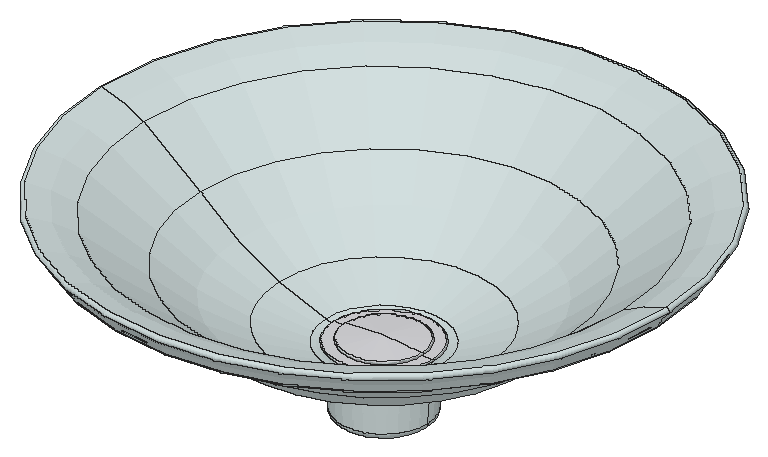
Revit family "Sink-Vessel-Lavatory-KOHLER-Derring_on_Carillon-K-17890_1", category Plumbing Fixtures, host Face, Revit 2015 (continued)
Definition of nested family "K-17890"
  Lines and regions (in)
    symbolic lines, detail levels medium+fine
      curve 2310: arc (3.26357, -1.12702, 0) -> (2.46087, -0.85328, 0) -> (1.66646, -0.55637, 0) r 29.2281
      curve 2311: arc (3.28503, -1.06098, 0) -> (2.47926, -0.79739, 0) -> (1.66646, -0.55637, 0) r 30.40578
      curve 2312: arc (3.40201, -1.1578, 0) -> (3.33206, -1.14571, 0) -> (3.26357, -1.12702, 0) r 0.74486
      curve 2313: arc (3.40783, -1.11092, 0) -> (3.34713, -1.08422, 0) -> (3.28503, -1.06098, 0) r 1.18069
      curve 2314: arc (3.43581, -1.13963, 0) -> (3.4244, -1.12276, 0) -> (3.40783, -1.11092, 0) r 0.05754
      curve 2315: arc (3.43581, -1.13963, 0) -> (3.4218, -1.1541, 0) -> (3.40201, -1.1578, 0) r 0.03318
      curve 2316: arc (5.58577, -1.64013, 0) -> (5.29392, -1.53135, 0) -> (5.00683, -1.41054, 0) r 7.49877
      curve 2317: arc (5.69283, -1.24632, 0) -> (5.39065, -1.19327, 0) -> (5.08421, -1.17845, 0) r 2.44677
      curve 2318: arc (5.00683, -1.41054, 0) -> (4.91437, -1.35224, 0) -> (4.84218, -1.27017, 0) r 0.38232
      curve 2319: arc (5.08421, -1.17845, 0) -> (4.98631, -1.18405, 0) -> (4.88926, -1.198, 0) r 1.14623
      curve 2320: arc (4.88926, -1.198, 0) -> (4.85031, -1.22403, 0) -> (4.84218, -1.27017, 0) r 0.05964
      curve 2321: arc (4.84304, -1.23981, 0) -> (4.61253, -1.19913, 0) -> (4.37926, -1.17988, 0) r 2.53556
      curve 2322: arc (4.37926, -1.17988, 0) -> (4.27109, -1.18907, 0) -> (4.16828, -1.22392, 0) r 0.44975
      curve 2323: arc (4.84304, -1.23981, 0) -> (4.62193, -1.15871, 0) -> (4.40448, -1.06827, 0) r 5.52516
      curve 2324: arc (4.40448, -1.06827, 0) -> (4.3084, -1.00722, 0) -> (4.23474, -0.92044, 0) r 0.37959
      curve 2325: arc (4.16828, -1.22392, 0) -> (3.98195, -1.14363, 0) -> (3.80522, -1.04398, 0) r 1.90482
      curve 2326: arc (4.23913, -0.92738, 0) -> (4.02911, -0.90574, 0) -> (3.81829, -0.91736, 0) r 1.33954
      curve 2327: arc (3.80522, -1.04398, 0) -> (3.75823, -1.00482, 0) -> (3.72271, -0.95502, 0) r 0.23936
      curve 2328: arc (3.81829, -0.91736, 0) -> (3.76821, -0.9304, 0) -> (3.72271, -0.95502, 0) r 0.21491
      curve 2329: arc (3.72271, -0.95502, 0) -> (3.56178, -0.93642, 0) -> (3.39989, -0.93039, 0) r 2.082
      curve 2330: arc (3.72271, -0.95502, 0) -> (3.57297, -0.89236, 0) -> (3.42968, -0.81611, 0) r 1.75146
      curve 2331: arc (3.39989, -0.93039, 0) -> (3.3496, -0.94102, 0) -> (3.30781, -0.97097, 0) r 0.12522
      curve 2332: arc (3.42968, -0.81611, 0) -> (3.39059, -0.78058, 0) -> (3.36865, -0.73252, 0) r 0.13139
      curve 2333: arc (3.33565, -0.89133, 0) -> (2.51547, -0.67555, 0) -> (1.7019, -0.43607, 0) r 29.2281
      curve 2334: arc (3.35234, -0.82392, 0) -> (2.52983, -0.61849, 0) -> (1.7019, -0.43607, 0) r 30.40578
      curve 2335: arc (3.47594, -0.91215, 0) -> (3.4053, -0.90509, 0) -> (3.33565, -0.89133, 0) r 0.74486
      curve 2336: arc (3.4784, -0.86498, 0) -> (3.41595, -0.84268, 0) -> (3.35234, -0.82392, 0) r 1.18069
      curve 2337: arc (3.50836, -0.89162, 0) -> (3.49577, -0.8756, 0) -> (3.4784, -0.86498, 0) r 0.05754
      curve 2338: arc (3.50836, -0.89162, 0) -> (3.49542, -0.90705, 0) -> (3.47594, -0.91215, 0) r 0.03318
      curve 2339: arc (5.68854, -1.23747, 0) -> (5.38967, -1.14978, 0) -> (5.0947, -1.04976, 0) r 7.49877
      curve 2340: arc (5.76724, -0.83703, 0) -> (5.46204, -0.80566, 0) -> (5.15532, -0.81274, 0) r 2.44677
      curve 2341: arc (5.0947, -1.04976, 0) -> (4.99832, -0.99821, 0) -> (4.92046, -0.92149, 0) r 0.38232
      curve 2342: arc (5.15532, -0.81274, 0) -> (5.05808, -0.82532, 0) -> (4.96226, -0.84615, 0) r 1.14623
      curve 2343: arc (4.96226, -0.84615, 0) -> (4.92527, -0.8749, 0) -> (4.92046, -0.92149, 0) r 0.05964
      curve 2344: arc (4.91914, -0.89116, 0) -> (4.68632, -0.86702, 0) -> (4.45227, -0.86446, 0) r 2.53556
      curve 2345: arc (4.45227, -0.86446, 0) -> (4.34504, -0.88135, 0) -> (4.24497, -0.92344, 0) r 0.44975
      curve 2346: arc (4.91914, -0.89116, 0) -> (4.69282, -0.82604, 0) -> (4.46947, -0.75133, 0) r 5.52516
      curve 2347: arc (4.46947, -0.75133, 0) -> (4.36928, -0.6973, 0) -> (4.28962, -0.61599, 0) r 0.37959
      curve 2348: arc (4.24497, -0.92344, 0) -> (4.05339, -0.85665, 0) -> (3.87, -0.76986, 0) r 1.90482
      curve 2349: arc (4.29449, -0.6226, 0) -> (4.08346, -0.61599, 0) -> (3.874, -0.64263, 0) r 1.33954
      curve 2350: arc (3.87, -0.76986, 0) -> (3.82034, -0.73415, 0) -> (3.78135, -0.68701, 0) r 0.23936
      curve 2351: arc (3.874, -0.64263, 0) -> (3.82499, -0.6592, 0) -> (3.78135, -0.68701, 0) r 0.21491
      curve 2352: arc (3.78135, -0.68701, 0) -> (3.61951, -0.67994, 0) -> (3.4576, -0.68547, 0) r 2.082
      curve 2353: arc (3.78135, -0.68701, 0) -> (3.62753, -0.6352, 0) -> (3.47916, -0.56936, 0) r 1.75146
      curve 2354: arc (3.4576, -0.68547, 0) -> (3.40819, -0.69967, 0) -> (3.36865, -0.73252, 0) r 0.12522
      curve 2355: arc (3.47916, -0.56936, 0) -> (3.43763, -0.53671, 0) -> (3.41233, -0.49034, 0) r 0.13139
      curve 2356: arc (3.39074, -0.65109, 0) -> (2.55726, -0.49438, 0) -> (1.72867, -0.31355, 0) r 29.2281
      curve 2357: arc (3.40258, -0.58267, 0) -> (2.5675, -0.43644, 0) -> (1.72867, -0.31355, 0) r 30.40578
      curve 2358: arc (3.53216, -0.66186, 0) -> (3.46119, -0.65985, 0) -> (3.39074, -0.65109, 0) r 0.74486
      curve 2359: arc (3.53124, -0.61463, 0) -> (3.46736, -0.59684, 0) -> (3.40258, -0.58267, 0) r 1.18069
      curve 2360: arc (3.56303, -0.63906, 0) -> (3.54933, -0.62399, 0) -> (3.53124, -0.61463, 0) r 0.05754
      curve 2361: arc (3.56303, -0.63906, 0) -> (3.55122, -0.65538, 0) -> (3.53216, -0.66186, 0) r 0.03318
      curve 2362: arc (5.76233, -0.8285, 0) -> (5.45797, -0.76236, 0) -> (5.15661, -0.68364, 0) r 7.49877
      curve 2363: arc (5.81226, -0.42346, 0) -> (5.5056, -0.41395, 0) -> (5.20017, -0.44289, 0) r 2.44677
      curve 2364: arc (5.15661, -0.68364, 0) -> (5.05679, -0.63909, 0) -> (4.97366, -0.56813, 0) r 0.38232
      curve 2365: arc (5.20017, -0.44289, 0) -> (5.10407, -0.46237, 0) -> (5.00998, -0.49, 0) r 1.14623
      curve 2366: arc (5.00998, -0.49, 0) -> (4.97514, -0.5213, 0) -> (4.97366, -0.56813, 0) r 0.05964
      curve 2367: arc (4.97019, -0.53796, 0) -> (4.73624, -0.53049, 0) -> (4.50259, -0.54464, 0) r 2.53556
      curve 2368: arc (4.50259, -0.54464, 0) -> (4.39684, -0.56913, 0) -> (4.30003, -0.61825, 0) r 0.44975
      curve 2369: arc (4.97019, -0.53796, 0) -> (4.73979, -0.48915, 0) -> (4.51168, -0.43057, 0) r 5.52516
      curve 2370: arc (4.51168, -0.43057, 0) -> (4.40789, -0.38382, 0) -> (4.32263, -0.30841, 0) r 0.37959
      curve 2371: arc (4.30003, -0.61825, 0) -> (4.10418, -0.5653, 0) -> (3.91507, -0.49182, 0) r 1.90482
      curve 2372: arc (4.32796, -0.31465, 0) -> (4.117, -0.32311, 0) -> (3.90998, -0.36463, 0) r 1.33954
      curve 2373: arc (3.91507, -0.49182, 0) -> (3.86298, -0.45974, 0) -> (3.82073, -0.41551, 0) r 0.23936
      curve 2374: arc (3.90998, -0.36463, 0) -> (3.86227, -0.38465, 0) -> (3.82073, -0.41551, 0) r 0.21491
      curve 2375: arc (3.82073, -0.41551, 0) -> (3.65879, -0.42, 0) -> (3.49769, -0.43706, 0) r 2.082
      curve 2376: arc (3.82073, -0.41551, 0) -> (3.6636, -0.37479, 0) -> (3.51091, -0.31971, 0) r 1.75146
      curve 2377: arc (3.49769, -0.43706, 0) -> (3.44942, -0.45475, 0) -> (3.41233, -0.49034, 0) r 0.12522
      curve 2378: arc (3.51091, -0.31971, 0) -> (3.46716, -0.2901, 0) -> (3.43861, -0.24565, 0) r 0.13139
      curve 2379: arc (3.42855, -0.40754, 0) -> (2.58601, -0.31069, 0) -> (1.74664, -0.18943, 0) r 29.2281
      curve 2380: arc (3.43548, -0.33845, 0) -> (2.5921, -0.25216, 0) -> (1.74664, -0.18943, 0) r 30.40578
      curve 2381: arc (3.57037, -0.40819, 0) -> (3.49945, -0.41125, 0) -> (3.42855, -0.40754, 0) r 0.74486
      curve 2382: arc (3.56609, -0.36115, 0) -> (3.5011, -0.34796, 0) -> (3.43548, -0.33845, 0) r 1.18069
      curve 2383: arc (3.59954, -0.38325, 0) -> (3.5848, -0.36919, 0) -> (3.56609, -0.36115, 0) r 0.05754
      curve 2384: arc (3.59954, -0.38325, 0) -> (3.58893, -0.40037, 0) -> (3.57037, -0.40819, 0) r 0.03318
      curve 2385: arc (5.80513, -0.41511, 0) -> (5.49764, -0.37092, 0) -> (5.19224, -0.31403, 0) r 7.49877
      curve 2386: arc (5.82766, -0.00774, 0) -> (5.52111, -0.02013, 0) -> (5.21851, -0.07079, 0) r 2.44677
      curve 2387: arc (5.19224, -0.31403, 0) -> (5.0895, -0.27672, 0) -> (5.00152, -0.21186, 0) r 0.38232
      curve 2388: arc (5.21851, -0.07079, 0) -> (5.12405, -0.09708, 0) -> (5.03217, -0.13134, 0) r 1.14623
      curve 2389: arc (5.03217, -0.13134, 0) -> (4.99965, -0.16505, 0) -> (5.00152, -0.21186, 0) r 0.05964
      curve 2390: arc (4.9959, -0.18202, 0) -> (4.76201, -0.19126, 0) -> (4.52998, -0.22204, 0) r 2.53556
      curve 2391: arc (4.52998, -0.22204, 0) -> (4.42624, -0.25401, 0) -> (4.33318, -0.30992, 0) r 0.44975
      curve 2392: arc (4.9959, -0.18202, 0) -> (4.76261, -0.14977, 0) -> (4.5309, -0.10761, 0) r 5.52516
      curve 2393: arc (4.5309, -0.10761, 0) -> (4.4245, -0.06864, 0) -> (4.33435, 0, 0) r 0.37959
      curve 2394: arc (4.33318, -0.30992, 0) -> (4.13405, -0.27107, 0) -> (3.94018, -0.21127, 0) r 1.90482
      curve 2395: arc (4.33938, -0.00509, 0) -> (4.12956, -0.02859, 0) -> (3.92603, -0.08476, 0) r 1.33954
      curve 2396: arc (3.94018, -0.21127, 0) -> (3.88594, -0.18298, 0) -> (3.84064, -0.14188, 0) r 0.23936
      curve 2397: arc (3.92603, -0.08476, 0) -> (3.87987, -0.10814, 0) -> (3.84064, -0.14188, 0) r 0.21491
      curve 2398: arc (3.84064, -0.14188, 0) -> (3.67943, -0.15791, 0) -> (3.51996, -0.18643, 0) r 2.082
      curve 2399: arc (3.84064, -0.14188, 0) -> (3.681, -0.11248, 0) -> (3.52477, -0.06843, 0) r 1.75146
      curve 2400: arc (3.51996, -0.18643, 0) -> (3.47308, -0.20751, 0) -> (3.43861, -0.24565, 0) r 0.12522
      curve 2401: arc (3.52477, -0.06843, 0) -> (3.47914, -0.04212, 0) -> (3.44751, 0, 0) r 0.13139
      curve 2402: arc (3.44889, -0.16191, 0) -> (2.60159, -0.12541, 0) -> (1.7557, -0.06434, 0) r 29.2281
      curve 2403: arc (3.45087, -0.0925, 0) -> (2.60348, -0.0666, 0) -> (1.7557, -0.06434, 0) r 30.40578
      curve 2404: arc (3.5904, -0.15245, 0) -> (3.51987, -0.16055, 0) -> (3.44889, -0.16191, 0) r 0.74486
      curve 2405: arc (3.58277, -0.10582, 0) -> (3.51701, -0.09731, 0) -> (3.45087, -0.0925, 0) r 1.18069
      curve 2406: arc (3.61771, -0.12549, 0) -> (3.60201, -0.11251, 0) -> (3.58277, -0.10582, 0) r 0.05754
      curve 2407: arc (3.61771, -0.12549, 0) -> (3.60834, -0.14332, 0) -> (3.5904, -0.15245, 0) r 0.03318
      curve 2408: arc (0.11351, -7.14534, 0) -> (0.05607, -7.14602, 0) -> (-0.00138, -7.14624, 0) r 7.14624
      curve 2409: arc (0.62296, -7.11904, 0) -> (0.50302, -7.12852, 0) -> (0.38293, -7.13597, 0) r 7.14624
      curve 2410: arc (1.12924, -7.05646, 0) -> (1.01028, -7.07447, 0) -> (0.89102, -7.09048, 0) r 7.14624
      curve 2411: arc (1.62977, -6.95792, 0) -> (1.51239, -6.98437, 0) -> (1.39458, -7.00884, 0) r 7.14624
      curve 2412: arc (2.12199, -6.82392, 0) -> (2.00679, -6.85868, 0) -> (1.89104, -6.8915, 0) r 7.14624
      curve 2413: arc (2.60339, -6.65516, 0) -> (2.49097, -6.69805, 0) -> (2.37785, -6.73903, 0) r 7.14624
      curve 2414: arc (3.07153, -6.45248, 0) -> (2.96246, -6.50328, 0) -> (2.85255, -6.55223, 0) r 7.14624
      curve 2415: arc (3.52402, -6.21692, 0) -> (3.41885, -6.27537, 0) -> (3.31271, -6.33204, 0) r 7.14624
      curve 2416: arc (3.95855, -5.94967, 0) -> (3.85782, -6.01548, 0) -> (3.75599, -6.07958, 0) r 7.14624
      curve 2417: arc (4.37291, -5.65212, 0) -> (4.27713, -5.72494, 0) -> (4.18014, -5.79614, 0) r 7.14624
      curve 2418: arc (4.76499, -5.32576, 0) -> (4.67464, -5.40523, 0) -> (4.58298, -5.48316, 0) r 7.14624
      curve 2419: arc (5.13278, -4.97226, 0) -> (5.04834, -5.05797, 0) -> (4.96247, -5.14225, 0) r 7.14624
      curve 2420: arc (5.47442, -4.59342, 0) -> (5.39631, -4.68494, 0) -> (5.31667, -4.77513, 0) r 7.14624
      curve 2421: arc (5.78816, -4.19117, 0) -> (5.71678, -4.28803, 0) -> (5.64377, -4.38367, 0) r 7.14624
      curve 2422: arc (6.07241, -3.76757, 0) -> (6.00812, -3.86928, 0) -> (5.94212, -3.96988, 0) r 7.14624
      curve 2423: arc (6.32571, -3.32477, 0) -> (6.26884, -3.4308, 0) -> (6.21019, -3.53586, 0) r 7.14624
      curve 2424: arc (6.54678, -2.86503, 0) -> (6.49762, -2.97485, 0) -> (6.44661, -3.08382, 0) r 7.14624
      curve 2425: arc (6.73449, -2.39069, 0) -> (6.69329, -2.50373, 0) -> (6.65018, -2.61607, 0) r 7.14624
      curve 2426: arc (6.88788, -1.90416, 0) -> (6.85485, -2.01986, 0) -> (6.81987, -2.13499, 0) r 7.14624
      curve 2427: arc (7.00617, -1.40794, 0) -> (6.98148, -1.5257, 0) -> (6.9548, -1.64302, 0) r 7.14624
      curve 2428: arc (7.08876, -0.90453, 0) -> (7.07253, -1.02376, 0) -> (7.05429, -1.14269, 0) r 7.14624
      curve 2429: arc (7.13523, -0.39652, 0) -> (7.12754, -0.5166, 0) -> (7.11784, -0.63653, 0) r 7.14624
      curve 2430: arc (7.14624, 0.00009, 0) -> (7.14596, -0.06352, 0) -> (7.14511, -0.12712, 0) r 7.14624
      curve 2431: arc (0.29363, -6.06046, 0) -> (0.21701, -6.06369, 0) -> (0.14036, -6.06595, 0) r 6.06757
      curve 2432: arc (0.72522, -6.02408, 0) -> (0.64904, -6.03276, 0) -> (0.57274, -6.04048, 0) r 6.06757
      curve 2433: arc (1.15313, -5.95699, 0) -> (1.07775, -5.97109, 0) -> (1.00221, -5.98423, 0) r 6.06757
      curve 2434: arc (1.57516, -5.85955, 0) -> (1.50098, -5.87899, 0) -> (1.42656, -5.89749, 0) r 6.06757
      curve 2435: arc (1.98916, -5.73225, 0) -> (1.91656, -5.75693, 0) -> (1.84365, -5.78069, 0) r 6.06757
      curve 2436: arc (2.39303, -5.57574, 0) -> (2.32237, -5.60554, 0) -> (2.25134, -5.63444, 0) r 6.06757
      curve 2437: arc (2.7847, -5.39082, 0) -> (2.71635, -5.42558, 0) -> (2.64756, -5.45947, 0) r 6.06757
      curve 2438: arc (3.16218, -5.17842, 0) -> (3.09648, -5.21797, 0) -> (3.03029, -5.25669, 0) r 6.06757
      curve 2439: arc (3.52355, -4.93964, 0) -> (3.46084, -4.98378, 0) -> (3.39758, -5.02712, 0) r 6.06757
      curve 2440: arc (3.86696, -4.67569, 0) -> (3.80756, -4.72418, 0) -> (3.74755, -4.77193, 0) r 6.06757
      curve 2441: arc (4.19067, -4.38791, 0) -> (4.13488, -4.44052, 0) -> (4.07843, -4.49242, 0) r 6.06757
      curve 2442: arc (4.49302, -4.07777, 0) -> (4.44113, -4.13423, 0) -> (4.38852, -4.19002, 0) r 6.06757
      curve 2443: arc (4.77248, -3.74685, 0) -> (4.72474, -3.80687, 0) -> (4.67626, -3.86627, 0) r 6.06757
      curve 2444: arc (5.02762, -3.39684, 0) -> (4.98429, -3.46011, 0) -> (4.94016, -3.52282, 0) r 6.06757
      curve 2445: arc (5.25713, -3.02952, 0) -> (5.21843, -3.09572, 0) -> (5.17889, -3.16142, 0) r 6.06757
      curve 2446: arc (5.45986, -2.64676, 0) -> (5.42598, -2.71555, 0) -> (5.39122, -2.78391, 0) r 6.06757
      curve 2447: arc (5.63477, -2.25051, 0) -> (5.60588, -2.32155, 0) -> (5.57609, -2.39221, 0) r 6.06757
      curve 2448: arc (5.78096, -1.84281, 0) -> (5.75721, -1.91572, 0) -> (5.73254, -1.98832, 0) r 6.06757
      curve 2449: arc (5.8977, -1.4257, 0) -> (5.87921, -1.50012, 0) -> (5.85978, -1.5743, 0) r 6.06757
      curve 2450: arc (5.98438, -1.00133, 0) -> (5.97125, -1.07688, 0) -> (5.95716, -1.15226, 0) r 6.06757
      curve 2451: arc (6.04057, -0.57186, 0) -> (6.03286, -0.64815, 0) -> (6.02418, -0.72434, 0) r 6.06757
      curve 2452: arc (6.06597, -0.13947, 0) -> (6.06372, -0.21612, 0) -> (6.06051, -0.29274, 0) r 6.06757
      curve 2453: line (0, -8.69018, 0) -> (0, -8.41945, 0)
      curve 2454: line (-0.58909, -8.41945, 0) -> (-0.60655, -8.66899, 0)
      curve 2455: arc (0, -8.41945, 0) -> (-0.01739, -7.88883, 0) -> (-0.0695, -7.36049, 0) r 8.10184
      curve 2456: arc (-0.0695, -7.36049, 0) -> (-0.10757, -7.16722, 0) -> (-0.16976, -6.98032, 0) r 1.55506
      curve 2457: arc (-0.49256, -7.57014, 0) -> (-0.55002, -7.99375, 0) -> (-0.58909, -8.41945, 0) r 9.87161
      curve 2458: arc (-0.40844, -7.2089, 0) -> (-0.45704, -7.388, 0) -> (-0.49256, -7.57014, 0) r 2.56621
      curve 2459: arc (-0.30131, -6.96995, 0) -> (-0.36207, -7.0862, 0) -> (-0.40844, -7.2089, 0) r 1.09046
      curve 2460: arc (-0.16976, -6.98032, 0) -> (-0.23233, -6.93447, 0) -> (-0.30131, -6.96995, 0) r 0.07375
      curve 2461: line (-0.61995, -8.66804, 0) -> (-0.60064, -8.39799, 0)
      curve 2462: line (-1.18822, -8.35597, 0) -> (-1.22344, -8.60363, 0)
      curve 2463: arc (-0.60064, -8.39799, 0) -> (-0.58013, -7.86749, 0) -> (-0.59442, -7.33678, 0) r 8.10184
      curve 2464: arc (-0.59442, -7.33678, 0) -> (-0.6186, -7.14129, 0) -> (-0.66729, -6.95042, 0) r 1.55506
      curve 2465: arc (-1.03136, -7.51571, 0) -> (-1.11889, -7.93414, 0) -> (-1.18822, -8.35597, 0) r 9.87161
      curve 2466: arc (-0.92168, -7.1614, 0) -> (-0.98293, -7.33657, 0) -> (-1.03136, -7.51571, 0) r 2.56621
      curve 2467: arc (-0.79777, -6.9307, 0) -> (-0.86667, -7.04232, 0) -> (-0.92168, -7.1614, 0) r 1.09046
      curve 2468: arc (-0.66729, -6.95042, 0) -> (-0.72643, -6.90022, 0) -> (-0.79777, -6.9307, 0) r 0.07375
      curve 2469: line (-1.23674, -8.60173, 0) -> (-1.19821, -8.33375, 0)
      curve 2470: line (-1.7813, -8.24991, 0) -> (-1.8341, -8.49443, 0)
      curve 2471: arc (-1.19821, -8.33375, 0) -> (-1.13991, -7.80606, 0) -> (-1.1163, -7.27568, 0) r 8.10184
      curve 2472: arc (-1.1163, -7.27568, 0) -> (-1.12647, -7.07896, 0) -> (-1.16143, -6.88511, 0) r 1.55506
      curve 2473: arc (-1.56489, -7.42298, 0) -> (-1.68205, -7.8341, 0) -> (-1.7813, -8.24991, 0) r 9.87161
      curve 2474: arc (-1.43022, -7.0774, 0) -> (-1.50381, -7.24776, 0) -> (-1.56489, -7.42298, 0) r 2.56621
      curve 2475: arc (-1.29017, -6.85613, 0) -> (-1.36686, -6.96254, 0) -> (-1.43022, -7.0774, 0) r 1.09046
      curve 2476: arc (-1.16143, -6.88511, 0) -> (-1.21684, -6.83082, 0) -> (-1.29017, -6.85613, 0) r 0.07375
      curve 2477: line (-1.84723, -8.49159, 0) -> (-1.78968, -8.22704, 0)
      curve 2478: line (-2.36531, -8.10182, 0) -> (-2.43541, -8.34195, 0)
      curve 2479: arc (-1.78968, -8.22704, 0) -> (-1.69389, -7.70485, 0) -> (-1.6325, -7.1775, 0) r 8.10184
      curve 2480: arc (-1.6325, -7.1775, 0) -> (-1.62861, -6.98056, 0) -> (-1.64965, -6.78471, 0) r 1.55506
      curve 2481: arc (-2.09046, -7.29243, 0) -> (-2.23665, -7.69415, 0) -> (-2.36531, -8.10182, 0) r 9.87161
      curve 2482: arc (-1.93147, -6.95734, 0) -> (-2.01702, -7.12201, 0) -> (-2.09046, -7.29243, 0) r 2.56621
      curve 2483: arc (-1.77599, -6.74662, 0) -> (-1.86008, -6.84729, 0) -> (-1.93147, -6.95734, 0) r 1.09046
      curve 2484: arc (-1.64965, -6.78471, 0) -> (-1.70104, -6.72661, 0) -> (-1.77599, -6.74662, 0) r 0.07375
      curve 2485: line (-2.44831, -8.33817, 0) -> (-2.37203, -8.0784, 0)
      curve 2486: line (-2.93726, -7.91243, 0) -> (-3.02431, -8.14695, 0)
      curve 2487: arc (-2.37203, -8.0784, 0) -> (-2.23923, -7.56437, 0) -> (-2.14038, -7.04276, 0) r 8.10184
      curve 2488: arc (-2.14038, -7.04276, 0) -> (-2.12245, -6.84659, 0) -> (-2.12946, -6.64974, 0) r 1.55506
      curve 2489: arc (-2.60537, -7.12472, 0) -> (-2.77984, -7.51498, 0) -> (-2.93726, -7.91243, 0) r 9.87161
      curve 2490: arc (-2.42288, -6.80182, 0) -> (-2.51996, -6.95997, 0) -> (-2.60537, -7.12472, 0) r 2.56621
      curve 2491: arc (-2.25276, -6.60273, 0) -> (-2.34382, -6.69715, 0) -> (-2.42288, -6.80182, 0) r 1.09046
      curve 2492: arc (-2.12946, -6.64974, 0) -> (-2.17658, -6.58812, 0) -> (-2.25276, -6.60273, 0) r 0.07375
      curve 2493: line (-3.03691, -8.14227, 0) -> (-2.94229, -7.8886, 0)
      curve 2494: line (-3.49424, -7.68273, 0) -> (-3.5978, -7.91044, 0)
      curve 2495: arc (-2.94229, -7.8886, 0) -> (-2.77316, -7.38536, 0) -> (-2.63735, -6.87212, 0) r 8.10184
      curve 2496: arc (-2.63735, -6.87212, 0) -> (-2.60547, -6.67774, 0) -> (-2.59842, -6.48088, 0) r 1.55506
      curve 2497: arc (-3.107, -6.9207, 0) -> (-3.30887, -7.29752, 0) -> (-3.49424, -7.68273, 0) r 9.87161
      curve 2498: arc (-2.90194, -6.61164, 0) -> (-3.01006, -6.76246, 0) -> (-3.107, -6.9207, 0) r 2.56621
      curve 2499: arc (-2.71806, -6.4252, 0) -> (-2.81562, -6.51288, 0) -> (-2.90194, -6.61164, 0) r 1.09046
      curve 2500: arc (-2.59842, -6.48088, 0) -> (-2.64103, -6.41606, 0) -> (-2.71806, -6.4252, 0) r 0.07375
      curve 2501: line (-3.61003, -7.90487, 0) -> (-3.49756, -7.6586, 0)
      curve 2502: line (-4.03342, -7.41388, 0) -> (-4.15296, -7.63362, 0)
      curve 2503: arc (-3.49756, -7.6586, 0) -> (-3.29296, -7.1687, 0) -> (-3.12088, -6.66646, 0) r 8.10184
      curve 2504: arc (-3.12088, -6.66646, 0) -> (-3.07522, -6.47485, 0) -> (-3.05415, -6.279, 0) r 1.55506
      curve 2505: arc (-3.5928, -6.68142, 0) -> (-3.82104, -7.04288, 0) -> (-4.03342, -7.41388, 0) r 9.87161
      curve 2506: arc (-3.36622, -6.38778, 0) -> (-3.48482, -6.5305, 0) -> (-3.5928, -6.68142, 0) r 2.56621
      curve 2507: arc (-3.1695, -6.21493, 0) -> (-3.27307, -6.29542, 0) -> (-3.36622, -6.38778, 0) r 1.09046
      curve 2508: arc (-3.05415, -6.279, 0) -> (-3.09201, -6.2113, 0) -> (-3.1695, -6.21493, 0) r 0.07375
      curve 2509: line (-4.16476, -7.62719, 0) -> (-4.03501, -7.38957, 0)
      curve 2510: line (-4.55204, -7.10725, 0) -> (-4.68696, -7.3179, 0)
      curve 2511: arc (-4.03501, -7.38957, 0) -> (-3.79598, -6.91552, 0) -> (-3.58851, -6.42684, 0) r 8.10184
      curve 2512: arc (-3.58851, -6.42684, 0) -> (-3.52929, -6.23897, 0) -> (-3.4943, -6.04512, 0) r 1.55506
      curve 2513: arc (-4.06029, -6.40809, 0) -> (-4.31374, -6.75235, 0) -> (-4.55204, -7.10725, 0) r 9.87161
      curve 2514: arc (-3.81334, -6.13136, 0) -> (-3.94182, -6.26526, 0) -> (-4.06029, -6.40809, 0) r 2.56621
      curve 2515: arc (-3.60479, -5.97298, 0) -> (-3.71384, -6.04589, 0) -> (-3.81334, -6.13136, 0) r 1.09046
      curve 2516: arc (-3.4943, -6.04512, 0) -> (-3.52724, -5.97489, 0) -> (-3.60479, -5.97298, 0) r 0.07375
      curve 2517: line (-4.69827, -7.31065, 0) -> (-4.5519, -7.08289, 0)
      curve 2518: line (-5.04747, -6.7644, 0) -> (-5.19707, -6.9649, 0)
      curve 2519: arc (-4.5519, -7.08289, 0) -> (-4.27966, -6.6271, 0) -> (-4.03785, -6.15446, 0) r 8.10184
      curve 2520: arc (-4.03785, -6.15446, 0) -> (-3.96538, -5.9713, 0) -> (-3.91665, -5.78044, 0) r 1.55506
      curve 2521: arc (-4.5071, -6.1021, 0) -> (-4.78445, -6.4274, 0) -> (-5.04747, -6.7644, 0) r 9.87161
      curve 2522: arc (-4.24103, -5.84369, 0) -> (-4.37874, -5.96809, 0) -> (-4.5071, -6.1021, 0) r 2.56621
      curve 2523: arc (-4.02172, -5.7006, 0) -> (-4.13568, -5.76554, 0) -> (-4.24103, -5.84369, 0) r 1.09046
      curve 2524: arc (-3.91665, -5.78044, 0) -> (-3.9445, -5.70804, 0) -> (-4.02172, -5.7006, 0) r 0.07375
      curve 2525: line (-5.20783, -6.95685, 0) -> (-5.04559, -6.74011, 0)
      curve 2526: line (-5.51717, -6.38709, 0) -> (-5.6807, -6.5764, 0)
      curve 2527: arc (-5.04559, -6.74011, 0) -> (-4.74152, -6.30491, 0) -> (-4.46662, -5.85072, 0) r 8.10184
      curve 2528: arc (-4.46662, -5.85072, 0) -> (-4.38127, -5.67319, 0) -> (-4.31905, -5.4863, 0) r 1.55506
      curve 2529: arc (-4.93093, -5.76502, 0) -> (-5.23079, -6.06971, 0) -> (-5.51717, -6.38709, 0) r 9.87161
      curve 2530: arc (-4.64711, -5.52625, 0) -> (-4.79334, -5.6405, 0) -> (-4.93093, -5.76502, 0) r 2.56621
      curve 2531: arc (-4.41814, -5.39917, 0) -> (-4.53646, -5.45581, 0) -> (-4.64711, -5.52625, 0) r 1.09046
      curve 2532: arc (-4.31905, -5.4863, 0) -> (-4.34166, -5.4121, 0) -> (-4.41814, -5.39917, 0) r 0.07375
      curve 2533: line (-5.69086, -6.5676, 0) -> (-5.51356, -6.36299, 0)
      curve 2534: line (-5.95877, -5.97722, 0) -> (-6.13538, -6.15438, 0)
      curve 2535: arc (-5.51356, -6.36299, 0) -> (-5.17923, -5.95059, 0) -> (-4.87262, -5.51717, 0) r 8.10184
      curve 2536: arc (-4.87262, -5.51717, 0) -> (-4.77483, -5.34618, 0) -> (-4.69943, -5.16421, 0) r 1.55506
      curve 2537: arc (-5.32964, -5.39857, 0) -> (-5.65047, -5.68108, 0) -> (-5.95877, -5.97722, 0) r 9.87161
      curve 2538: arc (-5.02951, -5.18065, 0) -> (-5.18352, -5.28418, 0) -> (-5.32964, -5.39857, 0) r 2.56621
      curve 2539: arc (-4.79206, -5.07023, 0) -> (-4.91411, -5.11829, 0) -> (-5.02951, -5.18065, 0) r 1.09046
      curve 2540: arc (-4.69943, -5.16421, 0) -> (-4.71669, -5.08858, 0) -> (-4.79206, -5.07023, 0) r 0.07375
      curve 2541: line (-6.14489, -6.14489, 0) -> (-5.95345, -5.95345, 0)
      curve 2542: line (-6.36999, -5.5369, 0) -> (-6.55879, -5.70101, 0)
      curve 2543: arc (-5.95345, -5.95345, 0) -> (-5.59054, -5.56594, 0) -> (-5.2538, -5.1555, 0) r 8.10184
      curve 2544: arc (-5.2538, -5.1555, 0) -> (-5.14405, -4.99193, 0) -> (-5.05587, -4.81579, 0) r 1.55506
      curve 2545: arc (-5.70119, -5.0046, 0) -> (-6.04136, -5.26351, 0) -> (-6.36999, -5.5369, 0) r 9.87161
      curve 2546: arc (-5.38628, -4.80865, 0) -> (-5.54728, -4.90093, 0) -> (-5.70119, -5.0046, 0) r 2.56621
      curve 2547: arc (-5.14156, -4.71545, 0) -> (-5.26672, -4.75468, 0) -> (-5.38628, -4.80865, 0) r 1.09046
      curve 2548: arc (-5.05587, -4.81579, 0) -> (-5.06769, -4.73913, 0) -> (-5.14156, -4.71545, 0) r 0.07375
      curve 2549: line (-6.5676, -5.69086, 0) -> (-6.36299, -5.51356, 0)
      curve 2550: line (-6.74876, -5.06836, 0) -> (-6.94879, -5.21858, 0)
      curve 2551: arc (-6.36299, -5.51356, 0) -> (-5.97337, -5.15294, 0) -> (-5.6082, -4.76757, 0) r 8.10184
      curve 2552: arc (-5.6082, -4.76757, 0) -> (-5.48707, -4.61224, 0) -> (-5.38654, -4.44284, 0) r 1.55506
      curve 2553: arc (-6.04369, -4.58513, 0) -> (-6.40146, -4.81911, 0) -> (-6.74876, -5.06836, 0) r 9.87161
      curve 2554: arc (-5.7156, -4.41215, 0) -> (-5.88277, -4.4927, 0) -> (-6.04369, -4.58513, 0) r 2.56621
      curve 2555: arc (-5.46485, -4.33664, 0) -> (-5.5925, -4.36684, 0) -> (-5.7156, -4.41215, 0) r 1.09046
      curve 2556: arc (-5.38654, -4.44284, 0) -> (-5.39286, -4.36553, 0) -> (-5.46485, -4.33664, 0) r 0.07375
      curve 2557: line (-6.95685, -5.20783, 0) -> (-6.74011, -5.04559, 0)
      curve 2558: line (-7.09314, -4.574, 0) -> (-7.30337, -4.70957, 0)
      curve 2559: arc (-6.74011, -5.04559, 0) -> (-6.32576, -4.71367, 0) -> (-5.93403, -4.35534, 0) r 8.10184
      curve 2560: arc (-5.93403, -4.35534, 0) -> (-5.80212, -4.20904, 0) -> (-5.68976, -4.04725, 0) r 1.55506
      curve 2561: arc (-6.35539, -4.1423, 0) -> (-6.72894, -4.35016, 0) -> (-7.09314, -4.574, 0) r 9.87161
      curve 2562: arc (-6.01579, -3.99316, 0) -> (-6.18829, -4.06158, 0) -> (-6.35539, -4.1423, 0) r 2.56621
      curve 2563: arc (-5.7603, -3.93573, 0) -> (-5.88978, -3.95675, 0) -> (-6.01579, -3.99316, 0) r 1.09046
      curve 2564: arc (-5.68976, -4.04725, 0) -> (-5.69055, -3.96968, 0) -> (-5.7603, -3.93573, 0) r 0.07375
      curve 2565: line (-7.31065, -4.69827, 0) -> (-7.08289, -4.5519, 0)
      curve 2566: line (-7.40137, -4.05633, 0) -> (-7.62074, -4.17655, 0)
      curve 2567: arc (-7.08289, -4.5519, 0) -> (-6.64591, -4.25039, 0) -> (-6.22961, -3.92091, 0) r 8.10184
      curve 2568: arc (-6.22961, -3.92091, 0) -> (-6.08761, -3.7844, 0) -> (-5.96399, -3.63104, 0) r 1.55506
      curve 2569: arc (-6.6347, -3.67835, 0) -> (-7.02213, -3.85904, 0) -> (-7.40137, -4.05633, 0) r 9.87161
      curve 2570: arc (-6.28534, -3.55382, 0) -> (-6.46227, -3.60977, 0) -> (-6.6347, -3.67835, 0) r 2.56621
      curve 2571: arc (-6.0264, -3.51477, 0) -> (-6.15704, -3.52649, 0) -> (-6.28534, -3.55382, 0) r 1.09046
      curve 2572: arc (-5.96399, -3.63104, 0) -> (-5.95925, -3.55361, 0) -> (-6.0264, -3.51477, 0) r 0.07375
      curve 2573: line (-7.62719, -4.16476, 0) -> (-7.38957, -4.03501, 0)
      curve 2574: line (-7.67189, -3.51798, 0) -> (-7.89928, -3.62225, 0)
      curve 2575: arc (-7.38957, -4.03501, 0) -> (-6.93219, -3.76545, 0) -> (-6.49346, -3.4665, 0) r 8.10184
      curve 2576: arc (-6.49346, -3.4665, 0) -> (-6.34207, -3.34047, 0) -> (-6.20783, -3.19632, 0) r 1.55506
      curve 2577: arc (-6.88021, -3.19567, 0) -> (-7.27954, -3.34825, 0) -> (-7.67189, -3.51798, 0) r 9.87161
      curve 2578: arc (-6.52285, -3.09638, 0) -> (-6.70333, -3.13956, 0) -> (-6.88021, -3.19567, 0) r 2.56621
      curve 2579: arc (-6.26178, -3.07589, 0) -> (-6.39293, -3.07827, 0) -> (-6.52285, -3.09638, 0) r 1.09046
      curve 2580: arc (-6.20783, -3.19632, 0) -> (-6.19758, -3.11943, 0) -> (-6.26178, -3.07589, 0) r 0.07375
      curve 2581: line (-7.90487, -3.61003, 0) -> (-7.6586, -3.49756, 0)
      curve 2582: line (-7.90331, -2.96171, 0) -> (-8.13756, -3.0495, 0)
      curve 2583: arc (-7.6586, -3.49756, 0) -> (-7.18316, -3.26131, 0) -> (-6.72421, -2.99443, 0) r 8.10184
      curve 2584: arc (-6.72421, -2.99443, 0) -> (-6.56422, -2.87953, 0) -> (-6.42004, -2.74531, 0) r 1.55506
      curve 2585: arc (-7.09066, -2.6967, 0) -> (-7.49985, -2.8204, 0) -> (-7.90331, -2.96171, 0) r 9.87161
      curve 2586: arc (-6.72712, -2.62316, 0) -> (-6.91022, -2.65335, 0) -> (-7.09066, -2.6967, 0) r 2.56621
      curve 2587: arc (-6.46526, -2.62135, 0) -> (-6.59624, -2.61436, 0) -> (-6.72712, -2.62316, 0) r 1.09046
      curve 2588: arc (-6.42004, -2.74531, 0) -> (-6.40432, -2.66935, 0) -> (-6.46526, -2.62135, 0) r 0.07375
      curve 2589: line (-8.14227, -3.03691, 0) -> (-7.8886, -2.94229, 0)
      curve 2590: line (-8.09446, -2.39035, 0) -> (-8.33437, -2.4612, 0)
      curve 2591: arc (-7.8886, -2.94229, 0) -> (-7.39751, -2.74056, 0) -> (-6.9207, -2.50711, 0) r 8.10184
      curve 2592: arc (-6.9207, -2.50711, 0) -> (-6.75292, -2.4039, 0) -> (-6.59953, -2.28032, 0) r 1.55506
      curve 2593: arc (-7.26497, -2.18398, 0) -> (-7.68195, -2.27818, 0) -> (-8.09446, -2.39035, 0) r 9.87161
      curve 2594: arc (-6.89712, -2.13656, 0) -> (-7.0819, -2.15362, 0) -> (-7.26497, -2.18398, 0) r 2.56621
      curve 2595: arc (-6.63579, -2.15344, 0) -> (-6.76594, -2.13713, 0) -> (-6.89712, -2.13656, 0) r 1.09046
      curve 2596: arc (-6.59953, -2.28032, 0) -> (-6.57844, -2.20567, 0) -> (-6.63579, -2.15344, 0) r 0.07375
      curve 2597: line (-8.33817, -2.44831, 0) -> (-8.0784, -2.37203, 0)
      curve 2598: line (-8.24436, -1.80681, 0) -> (-8.48872, -1.86036, 0)
      curve 2599: arc (-8.0784, -2.37203, 0) -> (-7.57418, -2.20585, 0) -> (-7.08192, -2.007, 0) r 8.10184
      curve 2600: arc (-7.08192, -2.007, 0) -> (-6.9072, -1.91603, 0) -> (-6.74539, -1.8037, 0) r 1.55506
      curve 2601: arc (-7.40226, -1.66014, 0) -> (-7.8249, -1.72436, 0) -> (-8.24436, -1.80681, 0) r 9.87161
      curve 2602: arc (-7.03196, -1.63909, 0) -> (-7.21749, -1.64292, 0) -> (-7.40226, -1.66014, 0) r 2.56621
      curve 2603: arc (-6.77251, -1.67456, 0) -> (-6.90117, -1.64901, 0) -> (-7.03196, -1.63909, 0) r 1.09046
      curve 2604: arc (-6.74539, -1.8037, 0) -> (-6.71902, -1.73075, 0) -> (-6.77251, -1.67456, 0) r 0.07375
      curve 2605: line (-8.49159, -1.84723, 0) -> (-8.22704, -1.78968, 0)
      curve 2606: line (-8.35225, -1.21406, 0) -> (-8.59981, -1.25004, 0)
      curve 2607: arc (-8.22704, -1.78968, 0) -> (-7.71224, -1.65989, 0) -> (-7.20705, -1.49667, 0) r 8.10184
      curve 2608: arc (-7.20705, -1.49667, 0) -> (-7.02629, -1.41839, 0) -> (-6.85688, -1.3179, 0) r 1.55506
      curve 2609: arc (-7.50184, -1.12784, 0) -> (-7.92798, -1.16174, 0) -> (-8.35225, -1.21406, 0) r 9.87161
      curve 2610: arc (-7.13098, -1.13326, 0) -> (-7.31631, -1.12384, 0) -> (-7.50184, -1.12784, 0) r 2.56621
      curve 2611: arc (-6.87471, -1.18715, 0) -> (-7.00122, -1.15248, 0) -> (-7.13098, -1.13326, 0) r 1.09046
      curve 2612: arc (-6.85688, -1.3179, 0) -> (-6.82538, -1.24701, 0) -> (-6.87471, -1.18715, 0) r 0.07375
      curve 2613: line (-8.60173, -1.23674, 0) -> (-8.33375, -1.19821, 0)
      curve 2614: line (-8.41758, -0.61512, 0) -> (-8.66707, -0.63335, 0)
      curve 2615: arc (-8.33375, -1.19821, 0) -> (-7.81101, -1.10548, 0) -> (-7.29546, -0.97871, 0) r 8.10184
      curve 2616: arc (-7.29546, -0.97871, 0) -> (-7.10958, -0.91353, 0) -> (-6.93343, -0.82537, 0) r 1.55506
      curve 2617: arc (-7.56318, -0.58979, 0) -> (-7.99066, -0.59321, 0) -> (-8.41758, -0.61512, 0) r 9.87161
      curve 2618: arc (-7.19365, -0.62165, 0) -> (-7.37784, -0.59904, 0) -> (-7.56318, -0.58979, 0) r 2.56621
      curve 2619: arc (-6.94189, -0.69369, 0) -> (-7.0656, -0.65008, 0) -> (-7.19365, -0.62165, 0) r 1.09046
      curve 2620: arc (-6.93343, -0.82537, 0) -> (-6.89695, -0.75692, 0) -> (-6.94189, -0.69369, 0) r 0.07375
      curve 2621: line (-8.66804, -0.61995, 0) -> (-8.39799, -0.60064, 0)
      curve 2622: line (-8.44002, -0.01305, 0) -> (-8.69017, -0.01344, 0)
      curve 2623: arc (-8.39799, -0.60064, 0) -> (-7.86997, -0.54543, 0) -> (-7.34669, -0.45576, 0) r 8.10184
      curve 2624: arc (-7.34669, -0.45576, 0) -> (-7.15663, -0.40401, 0) -> (-6.97464, -0.32865, 0) r 1.55506
      curve 2625: arc (-7.58599, -0.04874, 0) -> (-8.01262, -0.02165, 0) -> (-8.44002, -0.01305, 0) r 9.87161
      curve 2626: arc (-7.21967, -0.10688, 0) -> (-7.40178, -0.07118, 0) -> (-7.58599, -0.04874, 0) r 2.56621
      curve 2627: arc (-6.97369, -0.19669, 0) -> (-7.09398, -0.14437, 0) -> (-7.21967, -0.10688, 0) r 1.09046
      curve 2628: arc (-6.97464, -0.32865, 0) -> (-6.93337, -0.26296, 0) -> (-6.97369, -0.19669, 0) r 0.07375
      curve 2629: arc (-0.23233, -6.93447, 0) -> (-0.20687, -6.50146, 0) -> (-0.14174, -6.07263, 0) r 4.71583
      curve 2630: arc (-0.14174, -6.07263, 0) -> (-0.09095, -5.93577, 0) -> (0, -5.82159, 0) r 0.46205
      curve 2631: arc (-0.23233, -6.93447, 0) -> (-0.24489, -6.4962, 0) -> (-0.29362, -6.06046, 0) r 5.30137
      curve 2632: arc (-0.29329, -6.06262, 0) -> (-0.33521, -5.92553, 0) -> (-0.41443, -5.80606, 0) r 0.49812
      curve 2633: arc (-0.72643, -6.90022, 0) -> (-0.67016, -6.47014, 0) -> (-0.5746, -6.04704, 0) r 4.71583
      curve 2634: arc (-0.5746, -6.04704, 0) -> (-0.51386, -5.91369, 0) -> (-0.41443, -5.80606, 0) r 0.46205
      curve 2635: arc (-0.72643, -6.90022, 0) -> (-0.7077, -6.46326, 0) -> (-0.72505, -6.02625, 0) r 5.30137
      curve 2636: arc (-0.72505, -6.02625, 0) -> (-0.75708, -5.88652, 0) -> (-0.82757, -5.7617, 0) r 0.49812
      curve 2637: arc (-1.21684, -6.83082, 0) -> (-1.13002, -6.40585, 0) -> (-1.00453, -5.99065, 0) r 4.71583
      curve 2638: arc (-1.00453, -5.99065, 0) -> (-0.93443, -5.86196, 0) -> (-0.82757, -5.7617, 0) r 0.46205
      curve 2639: arc (-1.21684, -6.83082, 0) -> (-1.1669, -6.39522, 0) -> (-1.15313, -5.95699, 0) r 5.30137
      curve 2640: arc (-1.15311, -5.95917, 0) -> (-1.17509, -5.81751, 0) -> (-1.2365, -5.68798, 0) r 0.49812
      curve 2641: arc (-1.70104, -6.72661, 0) -> (-1.58413, -6.30891, 0) -> (-1.42933, -5.90372, 0) r 4.71583
      curve 2642: arc (-1.42933, -5.90372, 0) -> (-1.35061, -5.78079, 0) -> (-1.23747, -5.68854, 0) r 0.46205
      curve 2643: arc (-1.70104, -6.72661, 0) -> (-1.62031, -6.29676, 0) -> (-1.57529, -5.86172, 0) r 5.30137
      curve 2644: arc (-1.57516, -5.85955, 0) -> (-1.58736, -5.7178, 0) -> (-1.63912, -5.58528, 0) r 0.49812
      curve 2645: arc (-2.17658, -6.58812, 0) -> (-2.03017, -6.17982, 0) -> (-1.84686, -5.78671, 0) r 4.71583
      curve 2646: arc (-1.84686, -5.78671, 0) -> (-1.75957, -5.6697, 0) -> (-1.64013, -5.58577, 0) r 0.46205
      curve 2647: arc (-2.17658, -6.58812, 0) -> (-2.06516, -6.16406, 0) -> (-1.98916, -5.73225, 0) r 5.30137
      curve 2648: arc (-1.98945, -5.73441, 0) -> (-1.99104, -5.59107, 0) -> (-2.0334, -5.45412, 0) r 0.49812
      curve 2649: arc (-2.64103, -6.41606, 0) -> (-2.46586, -6.01925, 0) -> (-2.25497, -5.64021, 0) r 4.71583
      curve 2650: arc (-2.25497, -5.64021, 0) -> (-2.15956, -5.52973, 0) -> (-2.03444, -5.45453, 0) r 0.46205
      curve 2651: arc (-2.64103, -6.41606, 0) -> (-2.49964, -6.00103, 0) -> (-2.39303, -5.57574, 0) r 5.30137
      curve 2652: arc (-2.39347, -5.57787, 0) -> (-2.38483, -5.43478, 0) -> (-2.41731, -5.29516, 0) r 0.49812
      curve 2653: arc (-3.09201, -6.2113, 0) -> (-2.88898, -5.828, 0) -> (-2.6516, -5.46498, 0) r 4.71583
      curve 2654: arc (-2.6516, -5.46498, 0) -> (-2.54809, -5.36125, 0) -> (-2.41731, -5.29516, 0) r 0.46205
      curve 2655: arc (-3.09201, -6.2113, 0) -> (-2.92138, -5.80742, 0) -> (-2.7847, -5.39082, 0) r 5.30137
      curve 2656: arc (-2.78529, -5.39291, 0) -> (-2.76648, -5.25017, 0) -> (-2.78928, -5.10801, 0) r 0.49812
      curve 2657: arc (-3.52724, -5.97489, 0) -> (-3.29739, -5.60705, 0) -> (-3.03471, -5.26189, 0) r 4.71583
      curve 2658: arc (-3.03471, -5.26189, 0) -> (-2.92454, -5.16611, 0) -> (-2.78999, -5.10948, 0) r 0.46205
      curve 2659: arc (-3.52724, -5.97489, 0) -> (-3.32823, -5.58421, 0) -> (-3.16218, -5.17842, 0) r 5.30137
      curve 2660: arc (-3.16292, -5.18047, 0) -> (-3.13401, -5.04007, 0) -> (-3.14628, -4.89724, 0) r 0.49812
      curve 2661: arc (-3.9445, -5.70804, 0) -> (-3.68899, -5.35753, 0) -> (-3.40235, -5.03199, 0) r 4.71583
      curve 2662: arc (-3.40235, -5.03199, 0) -> (-3.28514, -4.94405, 0) -> (-3.14628, -4.89724, 0) r 0.46205
      curve 2663: arc (-3.9445, -5.70804, 0) -> (-3.71865, -5.33351, 0) -> (-3.52443, -4.94163, 0) r 5.30137
      curve 2664: arc (-3.52443, -4.94163, 0) -> (-3.48558, -4.80365, 0) -> (-3.48763, -4.66031, 0) r 0.49812
      curve 2665: arc (-4.34166, -5.4121, 0) -> (-4.06179, -5.08071, 0) -> (-3.75266, -4.77645, 0) r 4.71583
      curve 2666: arc (-3.75266, -4.77645, 0) -> (-3.62999, -4.69732, 0) -> (-3.48875, -4.66042, 0) r 0.46205
      curve 2667: arc (-4.34166, -5.4121, 0) -> (-4.08966, -5.05463, 0) -> (-3.86798, -4.67761, 0) r 5.30137
      curve 2668: arc (-3.86798, -4.67761, 0) -> (-3.81939, -4.54275, 0) -> (-3.81121, -4.39963, 0) r 0.49812
      curve 2669: arc (-4.71669, -5.08858, 0) -> (-4.4139, -4.778, 0) -> (-4.08385, -4.49656, 0) r 4.71583
      curve 2670: arc (-4.08385, -4.49656, 0) -> (-3.95531, -4.42621, 0) -> (-3.81121, -4.39963, 0) r 0.46205
      curve 2671: arc (-4.71669, -5.08858, 0) -> (-4.43983, -4.75, 0) -> (-4.19183, -4.38976, 0) r 5.30137
      curve 2672: arc (-4.19183, -4.38976, 0) -> (-4.13373, -4.2587, 0) -> (-4.11536, -4.11654, 0) r 0.49812
      curve 2673: arc (-5.06769, -4.73913, 0) -> (-4.74351, -4.45095, 0) -> (-4.39423, -4.19377, 0) r 4.71583
      curve 2674: arc (-4.39423, -4.19377, 0) -> (-4.261, -4.13276, 0) -> (-4.11536, -4.11654, 0) r 0.46205
      curve 2675: arc (-5.06769, -4.73913, 0) -> (-4.76667, -4.42034, 0) -> (-4.49302, -4.07777, 0) r 5.30137
      curve 2676: arc (-4.49431, -4.07953, 0) -> (-4.42701, -3.95296, 0) -> (-4.39855, -3.81246, 0) r 0.49812
      curve 2677: arc (-5.39286, -4.36553, 0) -> (-5.04895, -4.10121, 0) -> (-4.68221, -3.8696, 0) r 4.71583
      curve 2678: arc (-4.68221, -3.8696, 0) -> (-4.54497, -3.81825, 0) -> (-4.39855, -3.81246, 0) r 0.46205
      curve 2679: arc (-5.39286, -4.36553, 0) -> (-5.06987, -4.06903, 0) -> (-4.77248, -3.74685, 0) r 5.30137
      curve 2680: arc (-4.77389, -3.74852, 0) -> (-4.69773, -3.62707, 0) -> (-4.65932, -3.48896, 0) r 0.49812
      curve 2681: arc (-5.69055, -3.96968, 0) -> (-5.32866, -3.73057, 0) -> (-4.94633, -3.52572, 0) r 4.71583
      curve 2682: arc (-4.94633, -3.52572, 0) -> (-4.80578, -3.48429, 0) -> (-4.65932, -3.48896, 0) r 0.46205
      curve 2683: arc (-5.69055, -3.96968, 0) -> (-5.34723, -3.69698, 0) -> (-5.02761, -3.39684, 0) r 5.30137
      curve 2684: arc (-5.02914, -3.3984, 0) -> (-4.94681, -3.28697, 0) -> (-4.89835, -3.15718, 0) r 0.49812
      curve 2685: arc (-5.95925, -3.55361, 0) -> (-5.58122, -3.34092, 0) -> (-5.18525, -3.16387, 0) r 4.71583
      curve 2686: arc (-5.18525, -3.16387, 0) -> (-5.04266, -3.13261, 0) -> (-4.89743, -3.14739, 0) r 0.46205
      curve 2687: arc (-5.95925, -3.55361, 0) -> (-5.59734, -3.3061, 0) -> (-5.25713, -3.02952, 0) r 5.30137
      curve 2688: arc (-5.25876, -3.03097, 0) -> (-5.1661, -2.92159, 0) -> (-5.10842, -2.79035, 0) r 0.49812
      curve 2689: arc (-6.19758, -3.11943, 0) -> (-5.80534, -2.93425, 0) -> (-5.39775, -2.7859, 0) r 4.71583
      curve 2690: arc (-5.39775, -2.7859, 0) -> (-5.25273, -2.76489, 0) -> (-5.10842, -2.79035, 0) r 0.46205
      curve 2691: arc (-6.19758, -3.11943, 0) -> (-5.81894, -2.89836, 0) -> (-5.45986, -2.64676, 0) r 5.30137
      curve 2692: arc (-5.46159, -2.64809, 0) -> (-5.36099, -2.54509, 0) -> (-5.29405, -2.41762, 0) r 0.49812
      curve 2693: arc (-6.40432, -2.66935, 0) -> (-5.99988, -2.51263, 0) -> (-5.58274, -2.39373, 0) r 4.71583
      curve 2694: arc (-5.58274, -2.39373, 0) -> (-5.43659, -2.38312, 0) -> (-5.29447, -2.41881, 0) r 0.46205
      curve 2695: arc (-6.40432, -2.66935, 0) -> (-6.01088, -2.47586, 0) -> (-5.63477, -2.25052, 0) r 5.30137
      curve 2696: arc (-5.63659, -2.25171, 0) -> (-5.5289, -2.15616, 0) -> (-5.45303, -2.03379, 0) r 0.49812
      curve 2697: arc (-6.57844, -2.20567, 0) -> (-6.16384, -2.0782, 0) -> (-5.73928, -1.98936, 0) r 4.71583
      curve 2698: arc (-5.73928, -1.98936, 0) -> (-5.59275, -1.98921, 0) -> (-5.45354, -2.03495, 0) r 0.46205
      curve 2699: arc (-6.57844, -2.20567, 0) -> (-6.17219, -2.04074, 0) -> (-5.78096, -1.84281, 0) r 5.30137
      curve 2700: arc (-5.78286, -1.84387, 0) -> (-5.66907, -1.75669, 0) -> (-5.58481, -1.64071, 0) r 0.49812
      curve 2701: arc (-6.71902, -1.73075, 0) -> (-6.29639, -1.63318, 0) -> (-5.86658, -1.57486, 0) r 4.71583
      curve 2702: arc (-5.86658, -1.57486, 0) -> (-5.72041, -1.58516, 0) -> (-5.58481, -1.64071, 0) r 0.46205
      curve 2703: arc (-6.71902, -1.73075, 0) -> (-6.30205, -1.59522, 0) -> (-5.8977, -1.4257, 0) r 5.30137
      curve 2704: arc (-5.89967, -1.42663, 0) -> (-5.77995, -1.34779, 0) -> (-5.68763, -1.23812, 0) r 0.49812
      curve 2705: arc (-6.82538, -1.24701, 0) -> (-6.39686, -1.17984, 0) -> (-5.96398, -1.15233, 0) r 4.71583
      curve 2706: arc (-5.96398, -1.15233, 0) -> (-5.81892, -1.17303, 0) -> (-5.68763, -1.23812, 0) r 0.46205
      curve 2707: arc (-6.82538, -1.24701, 0) -> (-6.40084, -1.14188, 0) -> (-5.98641, -1.00211, 0) r 5.30137
      curve 2708: arc (-5.98641, -1.00211, 0) -> (-5.86137, -0.93202, 0) -> (-5.76147, -0.82921, 0) r 0.49812
      curve 2709: arc (-6.89695, -0.75692, 0) -> (-6.46473, -0.72049, 0) -> (-6.03099, -0.72392, 0) r 4.71583
      curve 2710: arc (-6.03099, -0.72392, 0) -> (-5.88777, -0.75492, 0) -> (-5.76147, -0.82921, 0) r 0.46205
      curve 2711: arc (-6.89695, -0.75692, 0) -> (-6.46599, -0.68234, 0) -> (-6.04265, -0.57249, 0) r 5.30137
      curve 2712: arc (-6.04265, -0.57249, 0) -> (-5.9124, -0.51115, 0) -> (-5.80513, -0.41511, 0) r 0.49812
      curve 2713: arc (-6.93337, -0.26296, 0) -> (-6.49966, -0.25746, 0) -> (-6.06727, -0.29183, 0) r 4.71583
      curve 2714: arc (-6.06727, -0.29183, 0) -> (-5.92663, -0.33297, 0) -> (-5.80594, -0.41608, 0) r 0.46205
      curve 2715: arc (-6.93337, -0.26296, 0) -> (-6.49819, -0.21932, 0) -> (-6.06809, -0.13996, 0) r 5.30137
      curve 2716: arc (-6.06809, -0.13996, 0) -> (-5.93385, -0.08809, 0) -> (-5.82003, 0, 0) r 0.49812
      curve 2717: arc (0, -5.82159, 0) -> (-0.02215, -5.51091, 0) -> (-0.05718, -5.20142, 0) r 7.49877
      curve 2718: arc (-0.40802, -5.81337, 0) -> (-0.37379, -5.50848, 0) -> (-0.30168, -5.21027, 0) r 2.44677
      curve 2719: arc (-0.05718, -5.20142, 0) -> (-0.08707, -5.09628, 0) -> (-0.14548, -5.00389, 0) r 0.38232
      curve 2720: arc (-0.30168, -5.21027, 0) -> (-0.26872, -5.11792, 0) -> (-0.22799, -5.02872, 0) r 1.14623
      curve 2721: arc (-0.22799, -5.02872, 0) -> (-0.19204, -4.99869, 0) -> (-0.14548, -5.00389, 0) r 0.05964
      curve 2722: arc (-0.17485, -4.99616, 0) -> (-0.14894, -4.76353, 0) -> (-0.10169, -4.53427, 0) r 2.53556
      curve 2723: arc (-0.10169, -4.53427, 0) -> (-0.0624, -4.43308, 0) -> (0, -4.34425, 0) r 0.44975
      curve 2724: arc (-0.17485, -4.99616, 0) -> (-0.19037, -4.76116, 0) -> (-0.21589, -4.52703, 0) r 5.52516
      curve 2725: arc (-0.21589, -4.52703, 0) -> (-0.2457, -4.42139, 0) -> (-0.30449, -4.32869, 0) r 0.37959
      curve 2726: arc (0, -4.34425, 0) -> (-0.02454, -4.14285, 0) -> (-0.07036, -3.94521, 0) r 1.90482
      curve 2727: arc (-0.30449, -4.32869, 0) -> (-0.26608, -4.12107, 0) -> (-0.19553, -3.92207, 0) r 1.33954
      curve 2728: arc (-0.07036, -3.94521, 0) -> (-0.0947, -3.88909, 0) -> (-0.13247, -3.84097, 0) r 0.23936
      curve 2729: arc (-0.19553, -3.92207, 0) -> (-0.16892, -3.8777, 0) -> (-0.13247, -3.84097, 0) r 0.21491
      curve 2730: arc (-0.13247, -3.84097, 0) -> (-0.10498, -3.68132, 0) -> (-0.06516, -3.52429, 0) r 2.082
      curve 2731: arc (-0.13247, -3.84097, 0) -> (-0.15041, -3.67965, 0) -> (-0.1832, -3.52067, 0) r 1.75146
      curve 2732: arc (-0.06516, -3.52429, 0) -> (-0.04068, -3.47891, 0) -> (0, -3.44724, 0) r 0.12522
      curve 2733: arc (-0.1832, -3.52067, 0) -> (-0.20628, -3.47316, 0) -> (-0.24621, -3.43857, 0) r 0.13139
      curve 2734: arc (-0.08454, -3.45165, 0) -> (-0.0605, -2.6039, 0) -> (-0.06107, -1.75582, 0) r 29.2281
      curve 2735: arc (-0.15392, -3.44868, 0) -> (-0.1193, -2.6016, 0) -> (-0.06107, -1.75582, 0) r 30.40578
      curve 2736: arc (-0.10408, -3.59212, 0) -> (-0.09096, -3.52235, 0) -> (-0.08454, -3.45165, 0) r 0.74486
      curve 2737: arc (-0.15004, -3.58119, 0) -> (-0.15384, -3.51499, 0) -> (-0.15392, -3.44868, 0) r 1.18069
      curve 2738: arc (-0.13292, -3.61744, 0) -> (-0.14474, -3.60086, 0) -> (-0.15004, -3.58119, 0) r 0.05754
      curve 2739: arc (-0.13292, -3.61744, 0) -> (-0.11447, -3.60938, 0) -> (-0.10408, -3.59212, 0) r 0.03318
      curve 2740: arc (-0.41531, -5.80675, 0) -> (-0.41524, -5.49529, 0) -> (-0.4281, -5.18408, 0) r 7.49877
      curve 2741: arc (-0.8217, -5.76945, 0) -> (-0.76581, -5.46778, 0) -> (-0.6726, -5.17547, 0) r 2.44677
      curve 2742: arc (-0.4281, -5.18408, 0) -> (-0.45041, -5.07708, 0) -> (-0.50209, -4.98076, 0) r 0.38232
      curve 2743: arc (-0.6726, -5.17547, 0) -> (-0.63314, -5.08571, 0) -> (-0.58615, -4.99965, 0) r 1.14623
      curve 2744: arc (-0.58615, -4.99965, 0) -> (-0.54815, -4.97225, 0) -> (-0.50209, -4.98076, 0) r 0.05964
      curve 2745: arc (-0.53083, -4.97095, 0) -> (-0.48839, -4.74076, 0) -> (-0.42491, -4.51547, 0) r 2.53556
      curve 2746: arc (-0.42491, -4.51547, 0) -> (-0.37849, -4.41734, 0) -> (-0.30992, -4.33318, 0) r 0.44975
      curve 2747: arc (-0.53083, -4.97095, 0) -> (-0.52954, -4.73545, 0) -> (-0.5383, -4.5001, 0) r 5.52516
      curve 2748: arc (-0.5383, -4.5001, 0) -> (-0.56049, -4.3926, 0) -> (-0.61252, -4.29594, 0) r 0.37959
      curve 2749: arc (-0.30992, -4.33318, 0) -> (-0.32003, -4.13055, 0) -> (-0.35163, -3.93014, 0) r 1.90482
      curve 2750: arc (-0.61252, -4.29594, 0) -> (-0.5594, -4.09159, 0) -> (-0.47483, -3.89813, 0) r 1.33954
      curve 2751: arc (-0.35163, -3.93014, 0) -> (-0.3719, -3.87242, 0) -> (-0.40614, -3.82174, 0) r 0.23936
      curve 2752: arc (-0.47483, -3.89813, 0) -> (-0.44512, -3.85577, 0) -> (-0.40614, -3.82174, 0) r 0.21491
      curve 2753: arc (-0.40614, -3.82174, 0) -> (-0.36733, -3.66445, 0) -> (-0.31641, -3.51066, 0) r 2.082
      curve 2754: arc (-0.40614, -3.82174, 0) -> (-0.41253, -3.65954, 0) -> (-0.4339, -3.49863, 0) r 1.75146
      curve 2755: arc (-0.31641, -3.51066, 0) -> (-0.28887, -3.46726, 0) -> (-0.24621, -3.43857, 0) r 0.12522
      curve 2756: arc (-0.4339, -3.49863, 0) -> (-0.45353, -3.44959, 0) -> (-0.49089, -3.41225, 0) r 0.13139
      curve 2757: arc (-0.33056, -3.43683, 0) -> (-0.24611, -2.59295, 0) -> (-0.18618, -1.74699, 0) r 29.2281
      curve 2758: arc (-0.39955, -3.42891, 0) -> (-0.30459, -2.58646, 0) -> (-0.18618, -1.74699, 0) r 30.40578
      curve 2759: arc (-0.36007, -3.57555, 0) -> (-0.34201, -3.50689, 0) -> (-0.33056, -3.43683, 0) r 0.74486
      curve 2760: arc (-0.40514, -3.56136, 0) -> (-0.4042, -3.49506, 0) -> (-0.39955, -3.42891, 0) r 1.18069
      curve 2761: arc (-0.39064, -3.59874, 0) -> (-0.40125, -3.58136, 0) -> (-0.40514, -3.56136, 0) r 0.05754
      curve 2762: arc (-0.39064, -3.59874, 0) -> (-0.37166, -3.59201, 0) -> (-0.36007, -3.57555, 0) r 0.03318
      curve 2763: arc (-0.8285, -5.76233, 0) -> (-0.80621, -5.45166, 0) -> (-0.79684, -5.14033, 0) r 7.49877
      curve 2764: arc (-1.23119, -5.69613, 0) -> (-1.15392, -5.39921, 0) -> (-1.0401, -5.1143, 0) r 2.44677
      curve 2765: arc (-0.79684, -5.14033, 0) -> (-0.81146, -5.03201, 0) -> (-0.85613, -4.93225, 0) r 0.38232
      curve 2766: arc (-1.0401, -5.1143, 0) -> (-0.99434, -5.02758, 0) -> (-0.94133, -4.94509, 0) r 1.14623
      curve 2767: arc (-0.94133, -4.94509, 0) -> (-0.90147, -4.92048, 0) -> (-0.85613, -4.93225, 0) r 0.05964
      curve 2768: arc (-0.8841, -4.92042, 0) -> (-0.82535, -4.69384, 0) -> (-0.74595, -4.47365, 0) r 2.53556
      curve 2769: arc (-0.74595, -4.47365, 0) -> (-0.69266, -4.37908, 0) -> (-0.61825, -4.30003, 0) r 0.44975
      curve 2770: arc (-0.8841, -4.92042, 0) -> (-0.86602, -4.6856, 0) -> (-0.85796, -4.45023, 0) r 5.52516
      curve 2771: arc (-0.85796, -4.45023, 0) -> (-0.87243, -4.34142, 0) -> (-0.91743, -4.2413, 0) r 0.37959
      curve 2772: arc (-0.61825, -4.30003, 0) -> (-0.61388, -4.09719, 0) -> (-0.63111, -3.89504, 0) r 1.90482
      curve 2773: arc (-0.91743, -4.2413, 0) -> (-0.84987, -4.04126, 0) -> (-0.75171, -3.85432, 0) r 1.33954
      curve 2774: arc (-0.63111, -3.89504, 0) -> (-0.64721, -3.83603, 0) -> (-0.67775, -3.78302, 0) r 0.23936
      curve 2775: arc (-0.75171, -3.85432, 0) -> (-0.71905, -3.81419, 0) -> (-0.67775, -3.78302, 0) r 0.21491
      curve 2776: arc (-0.67775, -3.78302, 0) -> (-0.62782, -3.62891, 0) -> (-0.56605, -3.47915, 0) r 2.082
      curve 2777: arc (-0.67775, -3.78302, 0) -> (-0.67254, -3.62079, 0) -> (-0.68238, -3.45877, 0) r 1.75146
      curve 2778: arc (-0.56605, -3.47915, 0) -> (-0.53549, -3.43782, 0) -> (-0.49089, -3.41225, 0) r 0.12522
      curve 2779: arc (-0.68238, -3.45877, 0) -> (-0.69846, -3.40845, 0) -> (-0.73307, -3.36854, 0) r 0.13139
      curve 2780: arc (-0.5749, -3.40449, 0) -> (-0.43046, -2.56879, 0) -> (-0.31033, -1.72925, 0) r 29.2281
      curve 2781: arc (-0.64315, -3.39167, 0) -> (-0.48833, -2.55814, 0) -> (-0.31033, -1.72925, 0) r 30.40578
      curve 2782: arc (-0.61423, -3.54075, 0) -> (-0.59132, -3.47356, 0) -> (-0.5749, -3.40449, 0) r 0.74486
      curve 2783: arc (-0.65817, -3.52339, 0) -> (-0.65251, -3.45732, 0) -> (-0.64315, -3.39167, 0) r 1.18069
      curve 2784: arc (-0.64638, -3.56171, 0) -> (-0.65572, -3.54361, 0) -> (-0.65817, -3.52339, 0) r 0.05754
      curve 2785: arc (-0.64638, -3.56171, 0) -> (-0.62697, -3.55635, 0) -> (-0.61423, -3.54075, 0) r 0.03318
      curve 2786: arc (-1.23747, -5.68854, 0) -> (-1.19307, -5.38026, 0) -> (-1.16152, -5.07039, 0) r 7.49877
      curve 2787: arc (-1.63441, -5.59378, 0) -> (-1.53616, -5.30314, 0) -> (-1.4023, -5.02707, 0) r 2.44677
